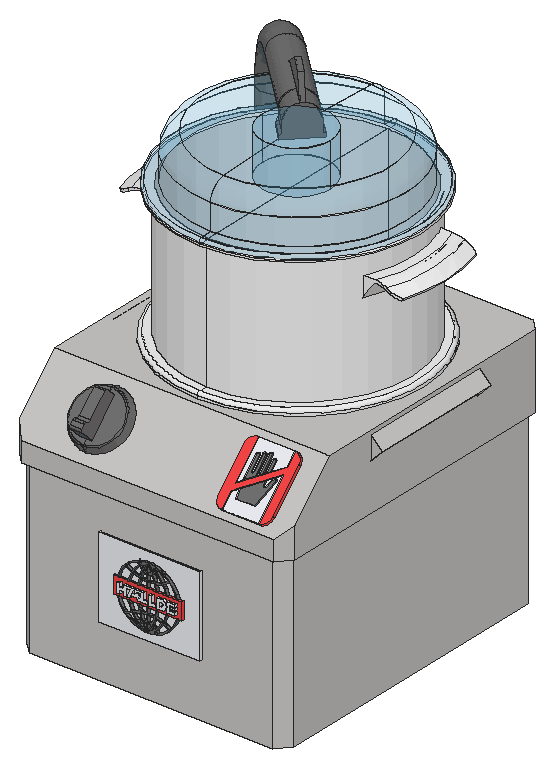
Revit family "VCM41_VCM42", category Specialty Equipment, Revit 2012
Parameters (values of type "VCM-41")
  Width = 260 mm
  Weight = "16,5 kg"
  Watts = 550 W
  Volts = 230 V
  URL Cutsheet = ""
  URL = "www.hallde.com"
  Status [instance] = ""
  Specification by User [instance] = ""
  Specification by Manufacturer [instance] = ""
  Show Logo [instance] = yes
  Show Clearance [instance] = yes
  Serial Number = ""
  Seismic Rating = ""
  SMACNA No = ""
  Revision Code [instance] = ""
  Phase = 1
  Number of Poles [instance] = 1
  NAFEM Spec ID Number = ""
  Model = "VCM-41"
  Min Ckt Ampacity = 0 A
  Max Overcurrent Protection = 10 A
  Manufacturer = "HALLDE"
  Item Number [instance] = ""
  Installed By [instance] = ""
  Identify Quantity as Lot [instance] = yes
  Height = 440 mm
  HP = ""
  Furnished By [instance] = ""
  Foodservice Equipment Identifier [instance] = yes
  FL Amps = 0 A
  Electrical Remarks [instance] = ""
  Electric Connection Type [instance] = "Cord & Plug"
  Elec Conn RI Height [instance] = 0 mm
  Elec Conn Connection Height = 50 mm
  Description = "VERTICAL CUTTER MIXER 4 LITER"
  Depth = 290 mm
  Cycle = 50 Hz
  Conn Plug = ""
  Conn Conduit = yes
  CSI MasterFormat = ""
  Assembly Code = "E1090320"
  Apparent Power = 0 VA
Types (3, lengths in mm): name | Weight | Watts | Model
  (no name) | "16,5 kg" | 550 W | "VCM-41"
  VCM-41 | "16,5 kg" | 550 W | "VCM-41"
  VCM-42 | "17 kg" | 750 W | "VCM-42"
Reference planes
  plane 1 "BACK": y = 0
  plane 2: z = 0
  plane 3 "LEFT": x = 0
  plane 4 "RIGHT": x = 260
  plane 5 "FRONT": y = -310
  plane 6 "TOP": z = 449.958
Forms (mm)
  Revolve 1, solid
    sketch origin (33.544, -73.319, 0) x (0, 1, 0) y (0, 0, -1)
      loop
        line (18.213, -9) -> (29.019, -9) -> (24.823, 0) -> (18.213, 0) -> (18.213, -9)
      axis (18.213, -9) -> (18.213, 0)
    angle from 0 to 360
  Extrusion 2, solid, visible <- "Show Logo", detail levels medium+fine
    sketch origin (272, -306.5, 6.029) x (1, 0, 0) y (0, 0, 1)
      loop
        line (-186, 119.971) -> (-186, 50) -> (-98, 50) -> (-98, 119.971) -> (-186, 119.971)
    from 0 to 2
  Extrusion 3, solid, visible <- "Show Logo", detail levels medium+fine
    sketch origin (272, -306.5, 6.029) x (1, 0, 0) y (0, 0, 1)
      loop
        arc (-115.542, 92.677) -> (-142, 112.68) -> (-168.458, 92.677) r 27.5
        line (-168.458, 92.677) -> (-167.417, 92.677)
        arc (-167.417, 92.677) -> (-165.014, 98.317) -> (-161.379, 103.254) r 26.5
        arc (-161.379, 103.254) -> (-158.741, 101.652) -> (-155.972, 100.291) r 34.778
        arc (-155.972, 100.291) -> (-157.729, 96.584) -> (-158.982, 92.677) r 31
        line (-158.982, 92.677) -> (-157.95, 92.677)
        arc (-157.95, 92.677) -> (-156.733, 96.383) -> (-155.044, 99.9) r 30
        arc (-155.044, 99.9) -> (-152.126, 98.871) -> (-149.128, 98.105) r 34.778
        arc (-149.128, 98.105) -> (-149.77, 95.407) -> (-150.262, 92.677) r 50
        line (-150.262, 92.677) -> (-149.25, 92.677)
        arc (-149.25, 92.677) -> (-148.769, 95.311) -> (-148.144, 97.914) r 49
        arc (-148.144, 97.914) -> (-145.333, 97.53) -> (-142.5, 97.375) r 34.778
        line (-142.5, 97.375) -> (-142.5, 92.677) -> (-141.5, 92.677) -> (-141.5, 97.376)
        arc (-141.5, 97.376) -> (-138.668, 97.534) -> (-135.859, 97.923) r 34.778
        arc (-135.859, 97.923) -> (-135.232, 95.315) -> (-134.75, 92.677) r 49
        line (-134.75, 92.677) -> (-133.738, 92.677)
        arc (-133.738, 92.677) -> (-134.231, 95.412) -> (-134.875, 98.115) r 50
        arc (-134.875, 98.115) -> (-131.88, 98.885) -> (-128.965, 99.917) r 34.778
        arc (-128.965, 99.917) -> (-127.271, 96.393) -> (-126.05, 92.677) r 30
        line (-126.05, 92.677) -> (-125.018, 92.677)
        arc (-125.018, 92.677) -> (-126.274, 96.593) -> (-128.038, 100.309) r 31
        arc (-128.038, 100.309) -> (-125.274, 101.673) -> (-122.641, 103.276) r 34.778
        arc (-122.641, 103.276) -> (-118.993, 98.33) -> (-116.583, 92.677) r 26.5
        line (-116.583, 92.677) -> (-115.542, 92.677)
      loop
        arc (-145.339, 111.469) -> (-147.542, 111.094) -> (-149.707, 110.534) r 26.5
        arc (-149.707, 110.534) -> (-149.401, 109.643) -> (-148.993, 108.793) r 8
        arc (-148.993, 108.793) -> (-147.214, 110.198) -> (-145.339, 111.469) r 31
      loop
        arc (-143.355, 111.474) -> (-145.993, 109.84) -> (-148.447, 107.944) r 30
        arc (-148.447, 107.944) -> (-147.472, 106.844) -> (-146.313, 105.942) r 8
        arc (-146.313, 105.942) -> (-144.921, 108.754) -> (-143.355, 111.474) r 50
      loop
        arc (-140.645, 111.474) -> (-139.079, 108.754) -> (-137.687, 105.942) r 50
        arc (-137.687, 105.942) -> (-136.528, 106.844) -> (-135.553, 107.944) r 8
        arc (-135.553, 107.944) -> (-138.007, 109.84) -> (-140.645, 111.474) r 30
      loop
        arc (-138.661, 111.469) -> (-136.786, 110.198) -> (-135.007, 108.793) r 31
        arc (-135.007, 108.793) -> (-134.599, 109.643) -> (-134.293, 110.534) r 8
        arc (-134.293, 110.534) -> (-136.458, 111.094) -> (-138.661, 111.469) r 26.5
      loop
        arc (-142.5, 110.956) -> (-144.055, 108.252) -> (-145.436, 105.455) r 49
        arc (-145.436, 105.455) -> (-144.004, 104.935) -> (-142.5, 104.695) r 8
        line (-142.5, 104.695) -> (-142.5, 110.956)
      loop
        line (-141.5, 110.956) -> (-141.5, 104.695)
        arc (-141.5, 104.695) -> (-139.996, 104.935) -> (-138.564, 105.455) r 8
        arc (-138.564, 105.455) -> (-139.945, 108.252) -> (-141.5, 110.956) r 49
      loop
        arc (-160.672, 103.984) -> (-158.131, 102.459) -> (-155.467, 101.161) r 33.778
        arc (-155.467, 101.161) -> (-152.867, 104.848) -> (-149.759, 108.119) r 31
        arc (-149.759, 108.119) -> (-150.276, 109.143) -> (-150.659, 110.225) r 9
        arc (-150.659, 110.225) -> (-156.017, 107.669) -> (-160.672, 103.984) r 26.5
      loop
        arc (-123.349, 104.005) -> (-127.996, 107.677) -> (-133.341, 110.225) r 26.5
        arc (-133.341, 110.225) -> (-133.724, 109.143) -> (-134.241, 108.119) r 9
        arc (-134.241, 108.119) -> (-131.14, 104.857) -> (-128.544, 101.179) r 31
        arc (-128.544, 101.179) -> (-125.884, 102.478) -> (-123.349, 104.005) r 33.778
      loop
        arc (-154.533, 100.773) -> (-151.734, 99.797) -> (-148.859, 99.07) r 33.778
        arc (-148.859, 99.07) -> (-147.885, 102.078) -> (-146.723, 105.019) r 50
        arc (-146.723, 105.019) -> (-148.067, 106.032) -> (-149.198, 107.277) r 9
        arc (-149.198, 107.277) -> (-152.095, 104.213) -> (-154.533, 100.773) r 30
      loop
        arc (-147.873, 98.882) -> (-145.196, 98.521) -> (-142.5, 98.375) r 33.778
        line (-142.5, 98.375) -> (-142.5, 103.694)
        arc (-142.5, 103.694) -> (-144.211, 103.955) -> (-145.84, 104.54) r 9
        arc (-145.84, 104.54) -> (-146.943, 101.742) -> (-147.873, 98.882) r 49
      loop
        arc (-141.5, 98.376) -> (-138.805, 98.526) -> (-136.13, 98.891) r 33.778
        arc (-136.13, 98.891) -> (-137.058, 101.746) -> (-138.16, 104.54) r 49
        arc (-138.16, 104.54) -> (-139.789, 103.955) -> (-141.5, 103.694) r 9
        line (-141.5, 103.694) -> (-141.5, 98.376)
      loop
        arc (-135.144, 99.081) -> (-132.273, 99.811) -> (-129.477, 100.79) r 33.778
        arc (-129.477, 100.79) -> (-131.911, 104.22) -> (-134.802, 107.277) r 30
        arc (-134.802, 107.277) -> (-135.933, 106.032) -> (-137.277, 105.019) r 9
        arc (-137.277, 105.019) -> (-136.117, 102.083) -> (-135.144, 99.081) r 50
      loop
        line (-115.542, 77.682) -> (-116.583, 77.682)
        arc (-116.583, 77.682) -> (-118.993, 72.029) -> (-122.641, 67.084) r 26.5
        arc (-122.641, 67.084) -> (-125.274, 68.687) -> (-128.038, 70.05) r 34.778
        arc (-128.038, 70.05) -> (-126.274, 73.766) -> (-125.018, 77.682) r 31
        line (-125.018, 77.682) -> (-126.05, 77.682)
        arc (-126.05, 77.682) -> (-127.271, 73.967) -> (-128.965, 70.442) r 30
        arc (-128.965, 70.442) -> (-131.88, 71.474) -> (-134.875, 72.244) r 34.778
        arc (-134.875, 72.244) -> (-134.231, 74.947) -> (-133.738, 77.682) r 50
        line (-133.738, 77.682) -> (-134.75, 77.682)
        arc (-134.75, 77.682) -> (-135.232, 75.044) -> (-135.859, 72.436) r 49
        arc (-135.859, 72.436) -> (-138.668, 72.825) -> (-141.5, 72.983) r 34.778
        line (-141.5, 72.983) -> (-141.5, 77.682) -> (-142.5, 77.682) -> (-142.5, 72.984)
        arc (-142.5, 72.984) -> (-145.333, 72.83) -> (-148.144, 72.445) r 34.778
        arc (-148.144, 72.445) -> (-148.769, 75.049) -> (-149.25, 77.682) r 49
        line (-149.25, 77.682) -> (-150.262, 77.682)
        arc (-150.262, 77.682) -> (-149.77, 74.953) -> (-149.128, 72.255) r 50
        arc (-149.128, 72.255) -> (-152.126, 71.488) -> (-155.044, 70.459) r 34.778
        arc (-155.044, 70.459) -> (-156.733, 73.976) -> (-157.95, 77.682) r 30
        line (-157.95, 77.682) -> (-158.982, 77.682)
        arc (-158.982, 77.682) -> (-157.729, 73.776) -> (-155.972, 70.069) r 31
        arc (-155.972, 70.069) -> (-158.741, 68.707) -> (-161.379, 67.105) r 34.778
        arc (-161.379, 67.105) -> (-165.014, 72.042) -> (-167.417, 77.682) r 26.5
        line (-167.417, 77.682) -> (-168.458, 77.682)
        arc (-168.458, 77.682) -> (-142, 57.68) -> (-115.542, 77.682) r 27.5
      loop
        arc (-145.339, 58.891) -> (-147.214, 60.162) -> (-148.993, 61.566) r 31
        arc (-148.993, 61.566) -> (-149.401, 60.717) -> (-149.707, 59.825) r 8
        arc (-149.707, 59.825) -> (-147.542, 59.266) -> (-145.339, 58.891) r 26.5
      loop
        arc (-143.355, 58.886) -> (-144.921, 61.605) -> (-146.313, 64.418) r 50
        arc (-146.313, 64.418) -> (-147.472, 63.515) -> (-148.447, 62.416) r 8
        arc (-148.447, 62.416) -> (-145.993, 60.519) -> (-143.355, 58.886) r 30
      loop
        arc (-140.645, 58.886) -> (-138.007, 60.519) -> (-135.553, 62.416) r 30
        arc (-135.553, 62.416) -> (-136.528, 63.515) -> (-137.687, 64.418) r 8
        arc (-137.687, 64.418) -> (-139.079, 61.605) -> (-140.645, 58.886) r 50
      loop
        arc (-138.661, 58.891) -> (-136.458, 59.266) -> (-134.293, 59.825) r 26.5
        arc (-134.293, 59.825) -> (-134.599, 60.717) -> (-135.007, 61.566) r 8
        arc (-135.007, 61.566) -> (-136.786, 60.162) -> (-138.661, 58.891) r 31
      loop
        line (-142.5, 59.404) -> (-142.5, 65.664)
        arc (-142.5, 65.664) -> (-144.004, 65.425) -> (-145.436, 64.904) r 8
        arc (-145.436, 64.904) -> (-144.055, 62.107) -> (-142.5, 59.404) r 49
      loop
        arc (-141.5, 59.404) -> (-139.945, 62.107) -> (-138.564, 64.904) r 49
        arc (-138.564, 64.904) -> (-139.996, 65.425) -> (-141.5, 65.664) r 8
        line (-141.5, 65.664) -> (-141.5, 59.404)
      loop
        arc (-160.672, 66.375) -> (-156.017, 62.69) -> (-150.659, 60.134) r 26.5
        arc (-150.659, 60.134) -> (-150.276, 61.216) -> (-149.759, 62.24) r 9
        arc (-149.759, 62.24) -> (-152.867, 65.511) -> (-155.467, 69.198) r 31
        arc (-155.467, 69.198) -> (-158.131, 67.901) -> (-160.672, 66.375) r 33.778
      loop
        arc (-123.349, 66.354) -> (-125.884, 67.881) -> (-128.544, 69.18) r 33.778
        arc (-128.544, 69.18) -> (-131.14, 65.503) -> (-134.241, 62.24) r 31
        arc (-134.241, 62.24) -> (-133.724, 61.216) -> (-133.341, 60.134) r 9
        arc (-133.341, 60.134) -> (-127.996, 62.682) -> (-123.349, 66.354) r 26.5
      loop
        arc (-154.533, 69.586) -> (-152.095, 66.146) -> (-149.198, 63.082) r 30
        arc (-149.198, 63.082) -> (-148.067, 64.328) -> (-146.723, 65.341) r 9
        arc (-146.723, 65.341) -> (-147.885, 68.281) -> (-148.859, 71.289) r 50
        arc (-148.859, 71.289) -> (-151.734, 70.562) -> (-154.533, 69.586) r 33.778
      loop
        arc (-147.873, 71.478) -> (-146.943, 68.617) -> (-145.84, 65.819) r 49
        arc (-145.84, 65.819) -> (-144.211, 66.404) -> (-142.5, 66.666) r 9
        line (-142.5, 66.666) -> (-142.5, 71.984)
        arc (-142.5, 71.984) -> (-145.196, 71.838) -> (-147.873, 71.478) r 33.778
      loop
        line (-141.5, 71.983) -> (-141.5, 66.666)
        arc (-141.5, 66.666) -> (-139.789, 66.404) -> (-138.16, 65.819) r 9
        arc (-138.16, 65.819) -> (-137.058, 68.613) -> (-136.13, 71.469) r 49
        arc (-136.13, 71.469) -> (-138.805, 71.833) -> (-141.5, 71.983) r 33.778
      loop
        arc (-135.144, 71.279) -> (-136.117, 68.276) -> (-137.277, 65.341) r 50
        arc (-137.277, 65.341) -> (-135.933, 64.328) -> (-134.802, 63.082) r 9
        arc (-134.802, 63.082) -> (-131.911, 66.139) -> (-129.477, 69.57) r 30
        arc (-129.477, 69.57) -> (-132.273, 70.549) -> (-135.144, 71.279) r 33.778
    from 2 to 4
  Extrusion 4, solid, visible <- "Show Logo", detail levels medium+fine
    sketch origin (272, -306.5, 6.029) x (1, 0, 0) y (0, 0, 1)
      loop
        line (-167.5, 89.43) -> (-167.5, 80.93) -> (-165, 80.93) -> (-165, 83.93) -> (-161, 83.93) -> (-161, 80.93) -> (-158.5, 80.93) -> (-158.5, 87.43) -> (-154.8, 87.43) -> (-158.428, 80.93) -> (-156.228, 80.93) -> (-155.101, 82.92) -> (-149.899, 82.92) -> (-148.772, 80.93) -> (-146.744, 80.93) -> (-150.2, 87.43) -> (-146.5, 87.43) -> (-146.5, 80.93) -> (-140, 80.93) -> (-140, 83.43) -> (-144, 83.43) -> (-144, 89.43) -> (-161, 89.43) -> (-161, 86.43) -> (-165, 86.43) -> (-165, 89.43) -> (-167.5, 89.43)
      loop
        line (-152.5, 87.512) -> (-153.983, 84.894) -> (-151.017, 84.894) -> (-152.5, 87.512)
      loop
        line (-139.5, 80.93) -> (-133, 80.93) -> (-133, 83.43) -> (-137, 83.43) -> (-137, 89.43) -> (-139.5, 89.43) -> (-139.5, 80.93)
      loop
        line (-132.534, 80.93) -> (-127.034, 80.93)
        arc (-127.034, 80.93) -> (-124.013, 85.18) -> (-127.034, 89.43) r 4.5
        line (-127.034, 89.43) -> (-132.534, 89.43) -> (-132.534, 80.93)
      loop
        line (-130.034, 86.93) -> (-130.034, 83.43) -> (-127.545, 83.43)
        arc (-127.545, 83.43) -> (-126.513, 85.18) -> (-127.545, 86.93) r 2
        line (-127.545, 86.93) -> (-130.034, 86.93)
      loop
        line (-123.528, 80.93) -> (-116.537, 80.93) -> (-116.537, 82.947) -> (-121.025, 82.947) -> (-121.025, 84.444) -> (-116.537, 84.444) -> (-116.537, 85.916) -> (-121.025, 85.916) -> (-121.025, 87.412) -> (-116.537, 87.412) -> (-116.537, 89.43) -> (-123.528, 89.43) -> (-123.528, 80.93)
    from 4 to 6
  Revolve 5, solid
    sketch origin (70.365, 996.733, 930.584) x (0, 0.707106, 0.707107) y (0, -0.707107, 0.707106)
      loop
        line (-1424.234, 396.499) -> (-1424.234, 389.499) -> (-1398.734, 389.499) -> (-1401.044, 395.841)
        arc (-1401.044, 395.841) -> (-1401.422, 396.302) -> (-1401.984, 396.499) r 1.1
        line (-1401.984, 396.499) -> (-1424.234, 396.499)
      axis (-1424.234, 389.499) -> (-1424.234, 396.499)
    angle from 0 to 360
  Extrusion 6, solid
    sketch origin (283.365, 996.733, 930.584) x (0, 0.707106, 0.707107) y (0, -0.707107, 0.707106)
      loop
        line (-1406.734, 396.499) -> (-1406.734, 406.497)
        arc (-1406.734, 406.497) -> (-1407.099, 407.472) -> (-1408.013, 407.968) r 1.485
        arc (-1408.013, 407.968) -> (-1419.179, 408.969) -> (-1430.375, 408.409) r 80.444
        arc (-1430.375, 408.409) -> (-1432.632, 409.059) -> (-1433.737, 411.131) r 3.014
        arc (-1433.737, 411.131) -> (-1434.377, 412.444) -> (-1435.727, 412.999) r 2.052
        line (-1435.727, 412.999) -> (-1439.734, 412.999)
        arc (-1439.734, 412.999) -> (-1441.149, 412.413) -> (-1441.734, 410.999) r 2
        line (-1441.734, 410.999) -> (-1441.734, 396.499) -> (-1406.734, 396.499)
    from -208.365 to -218.365
  Extrusion 7, solid, visible <- "Show Logo", detail levels medium+fine
    sketch origin (272, -306.5, 6.029) x (1, 0, 0) y (0, 0, 1)
      loop
        line (-172, 92.677) -> (-172, 77.682) -> (-112, 77.682) -> (-112, 92.677) -> (-172, 92.677)
    from 2 to 4
  Extrusion 8, solid
    sketch origin (1819.447, -439.099, 45.341) x (1, 0, 0) y (0, 0.706609, 0.707604)
      loop
        line (-1627.197, 188.984) -> (-1595.197, 188.984) -> (-1595.197, 226.574) -> (-1605.309, 219.242) -> (-1605.309, 215.277)
        arc (-1605.309, 215.277) -> (-1604.728, 214.219) -> (-1603.574, 214.576) r 0.955
        line (-1603.574, 214.576) -> (-1600.96, 221.046)
        arc (-1600.96, 221.046) -> (-1598.995, 221.975) -> (-1597.912, 220.09) r 1.602
        line (-1597.912, 220.09) -> (-1604.329, 199.638) -> (-1621.061, 199.638) -> (-1621.86, 207.24) -> (-1627.197, 203.369) -> (-1627.197, 188.984)
      loop
        line (-1627.197, 244.984) -> (-1627.197, 209.765) -> (-1622.484, 213.183) -> (-1622.65, 214.763) -> (-1622.65, 233.386)
        arc (-1622.65, 233.386) -> (-1621.088, 234.949) -> (-1619.526, 233.386) r 1.562
        line (-1619.526, 233.386) -> (-1619.526, 221.243)
        arc (-1619.526, 221.243) -> (-1618.722, 220.439) -> (-1617.918, 221.243) r 0.804
        line (-1617.918, 221.243) -> (-1617.918, 235.079)
        arc (-1617.918, 235.079) -> (-1616.332, 236.666) -> (-1614.745, 235.079) r 1.587
        line (-1614.745, 235.079) -> (-1614.745, 221.243)
        arc (-1614.745, 221.243) -> (-1613.941, 220.439) -> (-1613.137, 221.243) r 0.804
        line (-1613.137, 221.243) -> (-1613.137, 236.602)
        arc (-1613.137, 236.602) -> (-1611.614, 238.125) -> (-1610.091, 236.602) r 1.523
        line (-1610.091, 236.602) -> (-1610.091, 222.17) -> (-1608.356, 223.428) -> (-1608.356, 233.386)
        arc (-1608.356, 233.386) -> (-1606.833, 234.91) -> (-1605.309, 233.386) r 1.523
        line (-1605.309, 233.386) -> (-1605.309, 225.638) -> (-1595.197, 232.971) -> (-1595.197, 244.984) -> (-1627.197, 244.984)
    from 0 to 2
  Extrusion 9, solid
    sketch origin (1819.447, -439.099, 45.341) x (1, 0, 0) y (0, 0.706609, 0.707604)
      loop
        arc (-1627.197, 244.984) -> (-1632.854, 242.641) -> (-1635.197, 236.984) r 8
        line (-1635.197, 236.984) -> (-1635.197, 196.984)
        arc (-1635.197, 196.984) -> (-1632.854, 191.327) -> (-1627.197, 188.984) r 8
        line (-1627.197, 188.984) -> (-1627.197, 203.369) -> (-1595.197, 226.574) -> (-1595.197, 188.984)
        arc (-1595.197, 188.984) -> (-1589.54, 191.327) -> (-1587.197, 196.984) r 8
        line (-1587.197, 196.984) -> (-1587.197, 236.984)
        arc (-1587.197, 236.984) -> (-1589.54, 242.641) -> (-1595.197, 244.984) r 8
        line (-1595.197, 244.984) -> (-1595.197, 232.971) -> (-1627.197, 209.765) -> (-1627.197, 244.984)
    from 0 to 2
  Extrusion 10, solid
    sketch origin (1819.447, -439.099, 45.341) x (1, 0, 0) y (0, 0.706609, 0.707604)
      loop
        line (-1604.329, 199.638) -> (-1597.912, 220.09)
        arc (-1597.912, 220.09) -> (-1598.995, 221.975) -> (-1600.96, 221.046) r 1.602
        line (-1600.96, 221.046) -> (-1603.574, 214.576)
        arc (-1603.574, 214.576) -> (-1604.728, 214.219) -> (-1605.309, 215.277) r 0.955
        line (-1605.309, 215.277) -> (-1605.309, 219.242) -> (-1621.86, 207.24) -> (-1621.061, 199.638) -> (-1604.329, 199.638)
      loop
        line (-1622.484, 213.183) -> (-1610.091, 222.17) -> (-1610.091, 236.602)
        arc (-1610.091, 236.602) -> (-1611.614, 238.125) -> (-1613.137, 236.602) r 1.523
        line (-1613.137, 236.602) -> (-1613.137, 221.243)
        arc (-1613.137, 221.243) -> (-1613.941, 220.439) -> (-1614.745, 221.243) r 0.804
        line (-1614.745, 221.243) -> (-1614.745, 235.079)
        arc (-1614.745, 235.079) -> (-1616.332, 236.666) -> (-1617.918, 235.079) r 1.587
        line (-1617.918, 235.079) -> (-1617.918, 221.243)
        arc (-1617.918, 221.243) -> (-1618.722, 220.439) -> (-1619.526, 221.243) r 0.804
        line (-1619.526, 221.243) -> (-1619.526, 233.386)
        arc (-1619.526, 233.386) -> (-1621.088, 234.949) -> (-1622.65, 233.386) r 1.562
        line (-1622.65, 233.386) -> (-1622.65, 214.763) -> (-1622.484, 213.183)
      loop
        line (-1608.356, 223.428) -> (-1605.309, 225.638) -> (-1605.309, 233.386)
        arc (-1605.309, 233.386) -> (-1606.833, 234.91) -> (-1608.356, 233.386) r 1.523
        line (-1608.356, 233.386) -> (-1608.356, 223.428)
    from 0 to 2
  Extrusion 11, solid
    sketch origin (17.75, -20.533, 0) x (1, 0, 0) y (0, 1, 0)
      loop
        line (-4.25, -20.967) -> (-4.25, -275.967) -> (5.75, -285.967) -> (218.75, -285.967) -> (228.75, -275.967) -> (228.75, -20.967) -> (218.75, -10.967) -> (5.75, -10.967) -> (-4.25, -20.967)
    from 9 to 158
  Extrusion 12, solid
    sketch origin (10, -20.533, -30) x (1, 0, 0) y (0, 1, 0)
      loop
        line (230, -7.467) -> (10, -7.467) -> (0, -17.467) -> (0, -279.467) -> (10, -289.467) -> (230, -289.467) -> (240, -279.467) -> (240, -17.467) -> (230, -7.467)
    from 188 to 253
  Extrusion 13, void
    sketch origin (10, 14.467, -30) x (0, 1, 0) y (0, 0, 1)
      loop
        line (-274.082, 255.071) -> (-274.082, 258) -> (-329.467, 258) -> (-329.467, 201.15) -> (-324.467, 201.15) -> (-324.467, 204.685) -> (-274.082, 255.071)
    from 0 to 274
  Revolve 14, solid
    sketch origin (226.39, -73.319, 0) x (0, 1, 0) y (0, 0, 1)
      loop
        line (18.213, 9) -> (18.213, 0) -> (24.823, 0) -> (29.019, 9) -> (18.213, 9)
      axis (18.213, 9) -> (18.213, 0)
    angle from 0 to 360
  Revolve 15, solid
    sketch origin (33.544, -301.103, 0) x (0, 1, 0) y (0, 0, -1)
      loop
        line (18.213, -9) -> (29.019, -9) -> (24.823, 0) -> (18.213, 0) -> (18.213, -9)
      axis (18.213, -9) -> (18.213, 0)
    angle from 0 to 360
  Revolve 16, solid
    sketch origin (226.39, -301.103, 0) x (0, 1, 0) y (0, 0, 1)
      loop
        line (18.213, 9) -> (18.213, 0) -> (24.823, 0) -> (29.019, 9) -> (18.213, 9)
      axis (18.213, 9) -> (18.213, 0)
    angle from 0 to 360
  Revolve 17, solid
    sketch origin (130, -22.098, -30) x (0, 1, 0) y (0, 0, 1)
      loop
        line (-124.209, 258) -> (-124.209, 253) -> (-14.209, 253) -> (-14.209, 255)
        arc (-14.209, 255) -> (-15.115, 257.094) -> (-17.209, 258) r 3.1
        line (-17.209, 258) -> (-124.209, 258)
      axis (-124.209, 258) -> (-124.209, 253)
    angle from 0 to 360
  Revolve 18, solid
    sketch origin (130, -20.533, -30) x (0, 1, 0) y (0, 0, 1)
      loop
        line (-25.774, 258) -> (-25.774, 371.8) -> (-18.274, 371.8) -> (-18.274, 373) -> (-27.774, 373) -> (-27.774, 258) -> (-25.774, 258)
      axis (-125.774, 258) -> (-125.774, 373)
    angle from 0 to 360
  Revolve 19, solid
    sketch origin (130, -20.533, -30) x (0, 1, 0) y (0, 0, 1)
      loop
        line (-125.774, 373) -> (-20.209, 373)
        arc (-20.209, 373) -> (-18.209, 375) -> (-20.209, 377) r 2
        line (-20.209, 377) -> (-30.75, 377) -> (-30.75, 399.569)
        arc (-30.75, 399.569) -> (-34.861, 409.881) -> (-44.94, 414.537) r 14.99
        arc (-44.94, 414.537) -> (-77.826, 416.878) -> (-110.774, 418.055) r 932.365
        line (-110.774, 418.055) -> (-110.774, 422.019) -> (-125.774, 422.021) -> (-125.774, 373)
      axis (-125.774, 422.021) -> (-125.774, 373)
    angle from 0 to 360
  Revolve 20, solid
    sketch origin (17.75, -146.307, -30) x (-1, 0, 0) y (0, 0, 1)
      loop
        line (-2.25, 351.8) -> (-13.248, 351.8) -> (-13.248, 334.438) -> (-12.248, 334.438) -> (-2.25, 349.8)
        arc (-2.25, 349.8) -> (2.069, 349.27) -> (6.131, 347.71) r 17.852
        line (6.131, 347.71) -> (16.811, 342.032) -> (17.75, 343.798) -> (7.07, 349.476)
        arc (7.07, 349.476) -> (2.553, 351.21) -> (-2.25, 351.8) r 19.852
      axis (-112.25, 334.438) -> (-112.25, 351.8)
    angle from -32.323 to 25.822
  Extrusion 21, void
    sketch origin (17.75, -2.098, -30) x (1, 0, 0) y (0, 1, 0)
      loop
        line (-24.349, -174.564) -> (-24.349, -214.571) -> (35.295, -214.571) -> (35.295, -186.709) -> (-2.75, -186.709)
        arc (-2.75, -186.709) -> (-12.303, -183.282) -> (-17.498, -174.564) r 15.027
        line (-17.498, -174.564) -> (-24.349, -174.564)
      loop
        line (-24.349, -113.854) -> (-17.498, -113.854)
        arc (-17.498, -113.854) -> (-12.303, -105.136) -> (-2.75, -101.709) r 15.027
        line (-2.75, -101.709) -> (35.295, -101.709) -> (35.295, -73.847) -> (-24.349, -73.847) -> (-24.349, -113.854)
    from 332.951 to 355.139
  Extrusion 22, solid
    sketch origin (-24, -353.033, -30) x (-1, 0, 0) y (0, 0, 1)
      loop
        line (-23.672, 239.743) -> (-34, 250.071) -> (-34, 229.414) -> (-23.672, 239.743)
      loop
        line (-284.328, 239.743) -> (-274, 229.414) -> (-274, 250.071) -> (-284.328, 239.743)
    from 136.533 to 254.533
  Extrusion 23, void
    sketch origin (-24, -353.033, -30) x (-1, 0, 0) y (0, 0, 1)
      loop
        line (-25.086, 238.329) -> (-34, 247.243) -> (-34, 229.414) -> (-25.086, 238.329)
      loop
        line (-282.914, 238.329) -> (-274, 229.414) -> (-274, 247.243) -> (-282.914, 238.329)
    from 138.533 to 252.533
  Extrusion 24, solid
    sketch origin (-22.25, -20.533, -30) x (1, 0, 0) y (0, 1, 0)
      loop
        line (198.25, 12.625) -> (198.25, -7.467) -> (226.25, -7.467) -> (226.25, 12.625) -> (218.342, 20.533) -> (206.158, 20.533) -> (198.25, 12.625)
    from 188 to 244.38
  Extrusion 25, void
    sketch origin (251.75, -20.533, -30) x (0, 1, 0) y (0, 0, 1)
      loop
        line (-7.467, 244.38) -> (21.217, 203.414) -> (21.217, 244.38) -> (-7.467, 244.38)
    from -75.75 to -47.75
  Sweep 26, solid
    path origin (407.715, -419.017, -30) x (-0.713509, 0.700646, 0) y (0, 0, 1)
      loop
        line (385.166, 436.014) -> (461.926, 436.014)
        arc (461.926, 436.014) -> (502.938, 419.026) -> (519.926, 378.014) r 58
        line (519.926, 378.014) -> (519.926, 257)
    profile origin (105.512, -122.261, 406.014) x (0, 0, 1) y (0.700646, 0.713509, 0)
      loop
        circle (0, 0) r 14
  Extrusion 27, solid
    sketch origin (871.542, 67.542, -41.986) x (-0.713509, 0.700646, 0) y (0, 0, 1)
      loop
        line (361.993, 481.986) -> (355.168, 462) -> (413.73, 461.958) -> (382.824, 481.986) -> (361.993, 481.986)
    from -674.16 to -670.16
  Revolve 28, solid
    sketch origin (36.25, -18.537, -30) x (0, 1, 0) y (0, 0, 1)
      loop
        line (-35.567, 257) -> (-35.567, 253) -> (-14.319, 253) -> (-14.319, 254)
        arc (-14.319, 254) -> (-15.225, 256.094) -> (-17.319, 257) r 3.1
        line (-17.319, 257) -> (-35.567, 257)
      axis (-35.567, 257) -> (-35.567, 253)
    angle from 0 to 360
  Extrusion 29, solid
    sketch origin (63.706, -290.974, 0) x (-0.700646, -0.713509, 0) y (0, 0, 1)
      loop
        line (-133.667, 392.019) -> (-133.667, 395.021) -> (-135.67, 396.023) -> (-135.67, 406.014)
        arc (-135.67, 406.014) -> (-149.67, 420.014) -> (-163.67, 406.014) r 14
        line (-163.67, 406.014) -> (-163.67, 396.023) -> (-165.673, 395.021) -> (-165.673, 392.019) -> (-133.667, 392.019)
    from 30 to 50
  Extrusion 30, void
    sketch origin (242.25, -2.098, -30) x (-1, 0, 0) y (0, -1, 0)
      loop
        line (-24.349, 174.564) -> (-17.498, 174.564)
        arc (-17.498, 174.564) -> (-12.303, 183.282) -> (-2.75, 186.709) r 15.027
        line (-2.75, 186.709) -> (30.295, 186.709) -> (30.295, 214.571) -> (-24.349, 214.571) -> (-24.349, 174.564)
      loop
        line (-24.349, 113.854) -> (-24.349, 73.847) -> (30.295, 73.847) -> (30.295, 101.709) -> (-2.75, 101.709)
        arc (-2.75, 101.709) -> (-12.303, 105.136) -> (-17.498, 113.854) r 15.027
        line (-17.498, 113.854) -> (-24.349, 113.854)
    from 330.798 to 355.139
  Extrusion 31, solid
    sketch origin (-0.608, 0.283, 0) x (1, 0, 0) y (0, 1, 0)
      loop
        circle (166.302, -192.714) r 30
    from 381.865 to 420
  Revolve 32, solid
    sketch origin (242.25, -146.307, -30) x (1, 0, 0) y (0, 0, -1)
      loop
        arc (-2.25, -351.8) -> (2.553, -351.21) -> (7.07, -349.476) r 19.852
        line (7.07, -349.476) -> (17.75, -343.798) -> (16.811, -342.032) -> (6.131, -347.71)
        arc (6.131, -347.71) -> (2.069, -349.27) -> (-2.25, -349.8) r 17.852
        line (-2.25, -349.8) -> (-12.248, -334.438) -> (-13.248, -334.438) -> (-13.248, -351.8) -> (-2.25, -351.8)
      axis (-112.25, -334.438) -> (-112.25, -351.8)
    angle from -32.323 to 25.822
  Extrusion 33, solid, visible <- "Show Clearance", detail levels coarse
    sketch origin (0, 0, 0) x (1, 0, 0) y (0, 1, 0)
      loop
        line (0, 0) -> (260, 0) -> (260, 50) -> (0, 50) -> (0, 0)
    from 0 to 449.958
Cuts and joins
  Extrusion 13 cuts Extrusion 12
  Extrusion 23 cuts Extrusion 22
  Extrusion 25 cuts Extrusion 24
  Extrusion 21 cuts Revolve 20
  Extrusion 30 cuts Revolve 32
Lines and regions (mm)
  symbolic lines, style "200-EquipBorder-2D"
    curve 1: line (240, -28, 0) -> (20, -28, 0)
    curve 2: line (20, -28, 0) -> (10, -38, 0)
    curve 3: line (10, -38, 0) -> (10, -104.664, 0)
    curve 4: line (196.092, 0, 0) -> (183.908, 0, 0)
    curve 5: line (204, -7.908, 0) -> (196.092, 0, 0)
    curve 6: line (183.908, 0, 0) -> (176, -7.908, 0)
    curve 7: line (176, -7.908, 0) -> (176, -28, 0)
    curve 8: line (204, -28, 0) -> (204, -7.908, 0)
    curve 9: line (250, -38, 0) -> (240, -28, 0)
    curve 10: line (250, -300, 0) -> (250, -187.951, 0)
    curve 11: line (240, -310, 0) -> (250, -300, 0)
    curve 12: line (20, -310, 0) -> (65, -310, 0)
    curve 13: line (10, -300, 0) -> (20, -310, 0)
    curve 21: line (250, -98.5, 0) -> (260.328, -98.5, 0)
    curve 22: line (260.328, -216.5, 0) -> (260.328, -98.5, 0)
    curve 23: line (260.328, -216.5, 0) -> (250, -216.5, 0)
    curve 24: line (-0.328, -98.5, 0) -> (10, -98.5, 0)
    curve 25: line (-0.328, -216.5, 0) -> (-0.328, -98.5, 0)
    curve 26: line (10, -216.5, 0) -> (-0.328, -216.5, 0)
    curve 28: arc (6.194, -106.658, 0) -> (8.025, -105.524, 0) -> (10, -104.664, 0) r 15.027
    curve 29: arc (6.194, -185.957, 0) -> (0, -146.307, 0) -> (6.194, -106.658, 0) r 130
    curve 42: arc (253.806, -106.658, 0) -> (260, -146.307, 0) -> (253.806, -185.957, 0) r 130
    curve 43: arc (253.806, -185.957, 0) -> (251.975, -187.091, 0) -> (250, -187.951, 0) r 15.027
    curve 47: line (75, -313.933, 0) -> (75, -310, 0)
    curve 50: line (65, -313.933, 0) -> (75, -313.933, 0)
    curve 56: line (250, -104.664, 0) -> (250, -38, 0)
    curve 57: line (10, -187.951, 0) -> (10, -300, 0)
    curve 70: line (75, -310, 0) -> (240, -310, 0)
    curve 73: arc (10, -187.951, 0) -> (8.025, -187.091, 0) -> (6.194, -185.957, 0) r 15.027
    curve 74: line (65, -310, 0) -> (65, -313.933, 0)
    curve 77: arc (250, -104.664, 0) -> (251.975, -105.524, 0) -> (253.806, -106.658, 0) r 15.027
  symbolic lines, style "200-EquipInternal-2D"
    curve 14: line (10, -261.686, 0) -> (250, -261.686, 0)
    curve 15: arc (130, -36.307, 0) -> (93.998, -42.366, 0) -> (61.961, -59.874, 0) r 110
    curve 16: arc (130, -256.307, 0) -> (190.93, -237.891, 0) -> (231.458, -188.807, 0) r 110
    curve 17: arc (130, -65.473, 0) -> (202.296, -110.148, 0) -> (194.68, -194.792, 0) r 80.835
    curve 18: arc (130, -227.142, 0) -> (58.461, -183.942, 0) -> (63.386, -100.516, 0) r 80.835
    curve 19: arc (195.695, -192.431, 0) -> (165.695, -162.431, 0) -> (135.695, -192.431, 0) r 30
    curve 20: arc (135.695, -192.431, 0) -> (165.695, -222.431, 0) -> (195.695, -192.431, 0) r 30
    curve 27: line (15, -103.807, 0) -> (28.542, -103.807, 0)
    curve 30: arc (15, -188.807, 0) -> (12.464, -188.592, 0) -> (10, -187.951, 0) r 15.027
    curve 31: line (28.542, -188.807, 0) -> (15, -188.807, 0)
    curve 32: line (135.954, -174.583, 0) -> (158.379, -151.746, 0)
    curve 33: line (158.379, -151.746, 0) -> (144.108, -137.733, 0)
    curve 34: line (156.975, -153.175, 0) -> (46.553, -44.743, 0)
    curve 35: line (121.683, -160.57, 0) -> (135.954, -174.583, 0)
    curve 36: line (26.935, -64.722, 0) -> (137.357, -173.153, 0)
    curve 37: arc (36.25, -32.855, 0) -> (15.002, -54.104, 0) -> (36.25, -75.352, 0) r 21.248
    curve 38: arc (46.553, -44.743, 0) -> (26.755, -44.923, 0) -> (26.935, -64.722, 0) r 14
    curve 39: arc (36.25, -75.352, 0) -> (36.98, -75.34, 0) -> (37.709, -75.302, 0) r 21.248
    curve 40: line (231.458, -103.807, 0) -> (245, -103.807, 0)
    curve 41: arc (245, -103.807, 0) -> (247.536, -104.023, 0) -> (250, -104.664, 0) r 15.027
    curve 44: line (245, -188.807, 0) -> (231.458, -188.807, 0)
    curve 45: line (65, -278.346, 0) -> (65, -310, 0)
    curve 46: line (65, -278.346, 0) -> (75, -278.346, 0)
    curve 48: spline (70.365, -267.739, 0) -> (74.726, -268.005, 0) -> (78.958, -268.794, 0) -> (82.938, -270.083, 0) -> (86.547, -271.835, 0) -> (89.679, -273.997, 0) -> (92.242, -276.506, 0) -> (94.16, -279.288, 0) -> (95.377, -282.262, 0) -> (95.857, -285.338, 0) -> (95.586, -288.427, 0) -> (94.572, -291.438, 0) -> (92.844, -294.282, 0)
    curve 49: spline (70.365, -273.857, 0) -> (73.866, -274.045, 0) -> (77.288, -274.605, 0) -> (80.55, -275.523, 0) -> (83.579, -276.78, 0) -> (86.305, -278.345, 0) -> (88.666, -280.184, 0) -> (90.606, -282.253, 0) -> (92.083, -284.506, 0) -> (93.062, -286.891, 0) -> (93.52, -289.353, 0) -> (93.447, -291.836, 0) -> (92.844, -294.282, 0)
    curve 51: line (103.994, -123.598, 0) -> (106.797, -120.744, 0)
    curve 52: line (103.994, -123.598, 0) -> (145.778, -164.629, 0)
    curve 53: line (148.581, -161.775, 0) -> (106.797, -120.744, 0)
    curve 54: line (144.108, -137.733, 0) -> (134.285, -147.737, 0)
    curve 55: arc (231.458, -103.807, 0) -> (190.93, -54.724, 0) -> (130, -36.307, 0) r 110
    curve 58: arc (28.542, -188.807, 0) -> (69.07, -237.891, 0) -> (130, -256.307, 0) r 110
    curve 59: arc (83.004, -80.538, 0) -> (105.324, -69.331, 0) -> (130, -65.473, 0) r 80.835
    curve 60: arc (42.343, -79.852, 0) -> (34.687, -91.394, 0) -> (28.542, -103.807, 0) r 110
    curve 61: arc (57.456, -55.45, 0) -> (51.743, -39.563, 0) -> (36.25, -32.855, 0) r 21.248
    curve 62: line (131.482, -150.591, 0) -> (121.683, -160.57, 0)
    curve 63: arc (159.141, -221.707, 0) -> (144.822, -225.772, 0) -> (130, -227.142, 0) r 80.835
    curve 64: arc (130, -39.307, 0) -> (237, -146.307, 0) -> (130, -253.307, 0) r 107
    curve 65: arc (130, -253.307, 0) -> (34.258, -194.083, 0) -> (44.502, -81.972, 0) r 107
    curve 66: arc (64.12, -61.994, 0) -> (95.162, -45.138, 0) -> (130, -39.307, 0) r 107
    curve 67: spline (47.885, -294.282, 0) -> (46.157, -291.438, 0) -> (45.143, -288.427, 0) -> (44.872, -285.338, 0) -> (45.352, -282.262, 0) -> (46.569, -279.288, 0) -> (48.487, -276.506, 0) -> (51.05, -273.997, 0) -> (54.183, -271.835, 0) -> (57.791, -270.083, 0) -> (61.771, -268.794, 0) -> (66.003, -268.005, 0) -> (70.365, -267.739, 0)
    curve 68: spline (92.844, -294.282, 0) -> (92.215, -295.748, 0) -> (91.395, -297.166, 0) -> (90.391, -298.523, 0) -> (89.212, -299.809, 0) -> (87.869, -301.011, 0) -> (86.373, -302.119, 0) -> (84.738, -303.123, 0) -> (82.977, -304.016, 0) -> (81.106, -304.788, 0) -> (79.141, -305.433, 0) -> (77.1, -305.946, 0) -> (75, -306.322, 0)
    curve 69: spline (65, -306.208, 0) -> (59.743, -304.832, 0) -> (55.106, -302.603, 0) -> (51.361, -299.653, 0) -> (48.727, -296.154, 0) -> (47.357, -292.309, 0) -> (47.332, -288.345, 0) -> (48.653, -284.493, 0) -> (51.243, -280.977, 0) -> (54.951, -278.003, 0) -> (59.559, -275.746, 0) -> (64.799, -274.336, 0) -> (70.365, -273.857, 0)
    curve 72: arc (10, -104.664, 0) -> (12.464, -104.023, 0) -> (15, -103.807, 0) r 15.027
    curve 75: line (75, -310, 0) -> (75, -278.346, 0)
    curve 76: arc (250, -187.951, 0) -> (247.536, -188.592, 0) -> (245, -188.807, 0) r 15.027
  symbolic lines, style "QF_Clearances", visible <- "Show Clearance", detail levels coarse
    curve 71: line (0, 50, 0) -> (260, 50, 0)
Dimensions and locks
  plane 6 "TOP" to plane 2 = 449.958 mm
  aligned and locked: level to plane 2
Connectors
  electrical at (190, -11.969, 158), driven by "Number of Poles", driven by "Volts", driven by "Watts"
    settings: on cut or joined group of Extrusion 24, Extrusion 25, index 2, voltage 230 V, apparent load 550 VA, apparent load phase1 0 VA, apparent load phase2 0 VA, apparent load phase3 0 VA, power factor 1, load classification "Other", number of poles 1, system type 30, power factor state 1, is connector primary yes, connector utility no, sub classification motor no, connector description "Electrical Connection"
